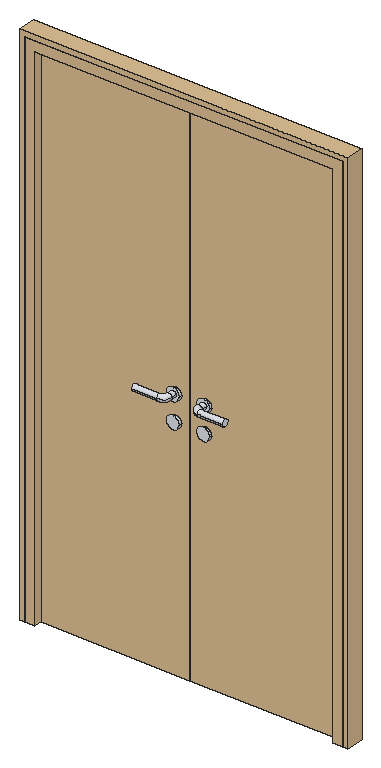
Revit family "AC_Дверь_Двупольная_Деревянная", category Двери, Revit 2019
Family settings
  Основа = Стена
  Номер OmniClass = 23.30.10.00
  Заголовок OmniClass = Doors
  Всегда вертикально = Да
  При загрузке вырезать с полостями = Нет
  Общий = Нет
  Точка расчета площади = Нет
Parameters
  Четверть_Ширина [instance] = 40 mm
  Четверть_Высота [instance] = 40 mm
  Четверть сверху [instance] = if(Четверть, Четверть_Высота, 0 mm)  # 0 mm
  Четверть сбоку [instance] = if(Четверть, Четверть_Ширина, 0 mm)  # 0 mm
  Четверть [instance] = no
  Функция = Наружные слои
  Угол плане 30 [instance] = yes
  Тип полотна двери 2 = АС-Полотно : Глухое
  Тип полотна двери 1 = АС-Полотно : Глухое
  Ручка полотна 2 = yes
  Ручка полотна 1 = yes
  Ручка двери = ADSK_Металл_Окрашенный_Белый матовый
  Рама двери2_Ширина справа = 150 mm
  Рама двери2_Ширина слева = 150 mm
  Рама двери2_Ширина внизу = 300 mm
  Рама двери2_Ширина вверху = 150 mm
  Рама двери1_Ширина справа = 150 mm
  Рама двери1_Ширина слева = 150 mm
  Рама двери1_Ширина внизу = 300 mm
  Рама двери1_Ширина вверху = 150 mm
  Рама двери = ADSK_Древесина_Береза мореная
  Равные полотна = yes
  Полотно2_Ширина = Rough Width - Полотно1\u001f_Размер - Коробка_Ширина * 2  # 600 mm
  Полотна_Высота = Rough Height - Коробка_Ширина  # 2050 mm
  Полотно1_Ширина = 650 mm
  Полотно1\u001f_Размер = if(Равные полотна, Полотна_Ширина / 2, Полотно1_Ширина)  # 600 mm
  Полотна_Ширина = Rough Width - Коробка_Ширина * 2  # 1200 mm
  Аналитическая конструкция = "<Нет>"
  ADSK_Обозначение = "ГОСТ 475-2016"
  Наличник двери = ADSK_Древесина_Береза мореная
  ADSK_Наименование = "ДВ2 21-13 Г ПрБ"
  Монтажный зазор_Верх [instance] = 20 mm
  Коробка_Ширина = 30 mm
  Коробка_Толщина = 70 mm
  Полотно двери = ADSK_Древесина_Береза мореная
  Остекление двери = ADSK_Стекло_Прозрачное бесцветное
  Наличник_Ширина [instance] = 60 mm
  Наличник_Толщина [instance] = 10 mm
  Наличник снаружи [instance] = no
  Наличник внутри [instance] = no
  Монтажный зазор_Справа и Слева [instance] = 20 mm
  Вставка_Глубина [instance] = 0 mm
  Инструкция по семейству [instance] = ""
  Огибание наружных слоев [instance] = 0 mm
  Width [instance] = Rough Width + Монтажный зазор_Справа и Слева * 2  # 1300 mm
  Thickness = 40 mm
  Rough Width = 1260 mm
  Rough Height = 2080 mm
  Model = ""
  Manufacturer = ""
  Wall Closure = (empty or 0)
  Height [instance] = Rough Height + Монтажный зазор_Верх  # 2100 mm
  Описание = "Дверь деревянная глухая входная"
  Тип конструкций = "Дверь деревянная"
  ADSK_Этаж [instance] = ""
  ADSK_Толщина стены [instance] = 0 mm
  ADSK_Примечание [instance] = ""
  ADSK_Предел огнестойкости = ""
  ADSK_Позиция [instance] = ""
  ADSK_Открывание = if(Равные полотна, "Равные полотна", if(Полотно1_Ширина > Полотно2_Ширина, "Левая", "Правая"))  # "Равные полотна"
  ADSK_Откосы_Глубина [instance] = 530 mm
  ADSK_Наименование краткое = ""
  ADSK_Масса_Текст = ""
  ADSK_Количество [instance] = 0
  ADSK_Код изделия = ""
  ADSK_Зона [instance] = ""
  ADSK_Завод-изготовитель = ""
  ADSK_Единица измерения = ""
  ADSK_Группирование [instance] = ""
  ADSK_Версия семейства = "1.0"  # constant formula
  ADSK_Версия Revit = "v2019"  # constant formula
  ADSK_URL страницы изделия = ""
  ADSK_URL документации изделия = ""
Reference planes
  plane 1: y = 0
  plane 2 "По центру (Влево/Вправо)": x = 0
  plane 3 "проем_слева": x = -650
  plane 4 "проем_справа": x = 650
  plane 5 "проем_верх": z = 2100
  plane 6 "Наружный": y = 300
  plane 7 "Внутренние": y = -300
  plane 8 "Вставка двери": y = 300
  plane 9 "Полотно двери": y = 260
  plane 10 "Рама внутри": y = 230
  plane 11 "Монтажный зазор слева": x = -630
  plane 12 "Монтажный зазор справа": x = 630
  plane 13 "Монтажный зазор сверху": z = 2080
  plane 14 "Глубина огибания наружного слоя": y = 300
  plane 15: y = 310
  plane 16: y = -310
  plane 17: x = -600
  plane 18: x = 600
  plane 19: z = 1025
  plane 20 "Верх полотна": z = 2050
  plane 21 "Разделение полотен": x = 0
  plane 22 "четверть_слева": x = -650
  plane 23 "четверть_справа": x = 650
  plane 24 "четверть_сверху": z = 2100
  plane 25: y = -900
  plane 26: y = 900
Forms (mm)
  Sweep 1, solid, material "ADSK_Древесина_Береза мореная" <- "Наличник двери", visible <- "Наличник снаружи", detail levels fine
    path origin (0, 300, 0) x (1, 0, 0) y (0, 0, 1)
      loop
        line (-650, 0) -> (-650, 2100) -> (650, 2100) -> (650, 0)
    profile origin (-650, 300, 1050) x (-1, 0, 0) y (0, -1, 0)
      loop
        line (-10, 0) -> (-10, -5)
        arc (-10, -5) -> (-8.536, -8.536) -> (-5, -10) r 5
        line (-5, -10) -> (45, -10)
        arc (45, -10) -> (48.536, -8.536) -> (50, -5) r 5
        line (50, -5) -> (50, 0) -> (-10, 0)
  Sweep 2, solid, material "ADSK_Древесина_Береза мореная" <- "Наличник двери", visible <- "Наличник внутри", detail levels fine
    path origin (0, -300, 0) x (1, 0, 0) y (0, 0, 1)
      loop
        line (-650, 0) -> (-650, 2100) -> (650, 2100) -> (650, 0)
    profile origin (-650, -300, 1050) x (-1, 0, 0) y (0, -1, 0)
      loop
        line (-20, 0) -> (40, 0) -> (40, 5)
        arc (40, 5) -> (38.536, 8.536) -> (35, 10) r 5
        line (35, 10) -> (-15, 10)
        arc (-15, 10) -> (-18.536, 8.536) -> (-20, 5) r 5
        line (-20, 5) -> (-20, 0)
  Sweep 3, solid, material "ADSK_Древесина_Береза мореная" <- "Рама двери", detail levels medium+fine
    path origin (0, 300, 0) x (-1, 0, 0) y (0, 0, 1)
      loop
        line (630, 0) -> (630, 2080) -> (-630, 2080) -> (-630, 0)
    profile origin (630, 300, 1040) x (0, 1, 0) y (-1, 0, 0)
      loop
        line (0, 0) -> (0, 30) -> (-40, 30) -> (-40, 40) -> (-70, 40) -> (-70, 0) -> (0, 0)
  Sweep 4, solid, material "ADSK_Древесина_Береза мореная" <- "Наличник двери", visible <- "Наличник внутри", detail levels fine
    path origin (0, 230, 0) x (-1, 0, 0) y (0, 0, 1)
      loop
        line (650, 0) -> (650, 2100) -> (-650, 2100) -> (-650, 0)
    profile origin (-650, 230, 1050) x (1, 0, 0) y (0, 1, 0)
      loop
        line (0, -535) -> (20, -535) -> (20, 0) -> (0, 0) -> (0, -535)
  Sweep 5, solid, material "ADSK_Древесина_Береза мореная" <- "Наличник двери", visible <- "Наличник снаружи", detail levels fine
    path origin (0, 300, 0) x (-1, 0, 0) y (0, 0, 1)
      loop
        line (650, 0) -> (650, 2100) -> (-650, 2100) -> (-650, 0)
    profile origin (650, 300, 1050) x (0, 1, 0) y (-1, 0, 0)
      loop
        line (5, 0) -> (5, 10) -> (0, 10) -> (0, 0) -> (5, 0)
  Extrusion 6, solid, material "ADSK_Древесина_Береза мореная" <- "Рама двери", detail levels medium+fine
    sketch origin (-2514.822, 300, 1200) x (-1, 0, 0) y (0, 0, 1)
      loop
        line (-3164.822, 900) -> (-3164.822, -1200) -> (-3144.822, -1200) -> (-3144.822, 880) -> (-1884.822, 880) -> (-1884.822, -1200) -> (-1864.822, -1200) -> (-1864.822, 900) -> (-3164.822, 900)
    from 0 to -70
  Extrusion 7, solid, material "ADSK_Древесина_Береза мореная" <- "Полотно двери", detail levels coarse
    sketch origin (0, 0, 0) x (1, 0, 0) y (0, 1, 0)
      loop
        line (-650, 300) -> (-650, 230) -> (650, 230) -> (650, 300) -> (-650, 300)
    from 0 to 2100
  Extrusion 8, void
    sketch origin (0, 230, 0) x (-1, 0, 0) y (0, 0, 1)
      loop
        line (650, 2100) -> (-650, 2100) -> (-650, 0) -> (650, 0) -> (650, 2100)
    from -1130 to 70
  Extrusion 9, void
    sketch origin (0, 230, 0) x (-1, 0, 0) y (0, 0, 1)
      loop
        line (650, 2100) -> (-650, 2100) -> (-650, 0) -> (650, 0) -> (650, 2100)
    from 70 to 670
Cuts and joins
  joined: Sweep 2, Sweep 4
  joined: Sweep 1, Sweep 5
Lines and regions (mm)
  Masking region 1, detail levels fine
    outline origin (0, 0, 0) x (0, 1, 0) y (0, 0, 1)
      loop
        line (230, 2040) -> (260, 2040) -> (260, 2050) -> (300, 2050) -> (300, 2080) -> (230, 2080) -> (230, 2040)
  Masking region 2, detail levels fine
    outline origin (0, 0, 0) x (0, 1, 0) y (0, 0, 1)
      loop
        line (300, 2080) -> (300, 2100) -> (230, 2100) -> (230, 2080) -> (300, 2080)
  Masking region 3, detail levels fine
    outline origin (0, 0, 0) x (0, 1, 0) y (0, 0, 1)
      loop
        line (300, 0) -> (300, 2050) -> (260, 2050) -> (260, 0) -> (300, 0)
  Masking region 4, detail levels fine
    outline origin (0, 0, 0) x (0, 1, 0) y (0, 0, 1)
      loop
        line (230, 2040) -> (230, 0) -> (260, 0) -> (260, 2040) -> (230, 2040)
  Masking region 5, detail levels coarse+medium
    outline origin (0, 0, 0) x (0, 1, 0) y (0, 0, 1)
      loop
        line (300, 0) -> (300, 2100) -> (230, 2100) -> (230, 0) -> (300, 0)
  symbolic lines, style "Открывание", detail levels medium
    curve 1: line (-600, 300, 0) -> (0, 300, 1025)
    curve 2: line (0, 300, 1025) -> (-600, 300, 2050)
  symbolic lines, style "Открывание", not visible, detail levels medium
    curve 3: line (600, 300, 0) -> (0, 300, 1025)
    curve 4: line (0, 300, 1025) -> (600, 300, 2050)
Text (mm)
  text "Наружный" at (-2295.016, 1099.543, 0), in view "Опорный уровень "
  text "Наружный" at (0, 1615.38, 3698.081), in view "Слева"
  text "Наружный" at (0, 1036.032, 3874.932), in view "Справа"
Dimensions and locks
  equal spacing: plane 11 "Монтажный зазор слева", plane 2 "По центру (Влево/Вправо)", plane 12 "Монтажный зазор справа"
  "Width": plane 3 "проем_слева" to plane 4 "проем_справа"
  "Rough Height": host wall to plane 13 "Монтажный зазор сверху"
  "Height": host wall to plane 5 "проем_верх"
  locked: plane 6 "Наружный" to host wall at 0
  locked: plane 7 "Внутренние" to host wall
  "Вставка_Глубина": plane 6 "Наружный" to plane 8 "Вставка двери"
  "Коробка_Толщина": plane 8 "Вставка двери" to plane 10 "Рама внутри"
  "Thickness": plane 8 "Вставка двери" to plane 9 "Полотно двери"
  "Огибание наружных слоев": plane 6 "Наружный" to plane 14 "Глубина огибания наружного слоя"
  "Наличник_Ширина": Sweep 2 sketch curve to Sweep 2 sketch curve
  locked: Sweep 2 sketch curve to Sweep 2 sketch curve at 5  (x4)
  locked: Sweep 1 sketch curve to Sweep 1 sketch curve at 5  (x2)
  "Коробка_Ширина": Sweep 3 sketch curve to profile plane
  locked: Sweep 3 sketch curve to Sweep 3 sketch curve at 10
  locked: Sweep 4 sketch curve to plane 16 at 5
  "Наличник_Толщина": plane 7 "Внутренние" to plane 16
  "Наличник_Толщина": plane 15 to plane 6 "Наружный"
  locked: plane 15 to Sweep 1 sketch curve at 5  (x2)
  locked: plane 15 to Sweep 5 sketch curve at 5
  "ADSK_Откосы_Глубина": plane 7 "Внутренние" to plane 10 "Рама внутри"
  equal spacing: plane 3 "проем_слева", plane 2 "По центру (Влево/Вправо)", plane 4 "проем_справа"
  "Rough Width": plane 11 "Монтажный зазор слева" to plane 12 "Монтажный зазор справа"
  "Коробка_Ширина": plane 11 "Монтажный зазор слева" to plane 17
  "Коробка_Ширина": plane 18 to plane 12 "Монтажный зазор справа"
  equal spacing: level, plane 19, plane 20 "Верх полотна"
  "Коробка_Ширина": plane 20 "Верх полотна" to plane 13 "Монтажный зазор сверху"
  "Полотно1\u001f_Размер": plane 21 "Разделение полотен" to plane 18
  "Четверть сбоку": plane 3 "проем_слева" to plane 22 "четверть_слева"
  "Четверть сбоку": plane 23 "четверть_справа" to plane 4 "проем_справа"
  "Четверть сверху": plane 24 "четверть_сверху" to plane 5 "проем_верх"
  "Наличник_Толщина": Sweep 5 sketch curve to Sweep 5 sketch curve
  "Наличник_Толщина": profile plane to Sweep 1 sketch curve
  "Наличник_Ширина": Sweep 1 sketch curve to Sweep 1 sketch curve
  locked: plane 25 to plane 7 "Внутренние" at 600
  locked: plane 6 "Наружный" to plane 26 at 600
  aligned and locked: plane 1 to host wall
  aligned and locked: Sweep 2 sketch curve to plane 3 "проем_слева"
  aligned and locked: Sweep 2 sketch curve to plane 5 "проем_верх"
  aligned and locked: Sweep 2 sketch curve to plane 4 "проем_справа"
  aligned and locked: level to Sweep 2 sketch curve  (x2)
  aligned and locked: Sweep 2 sketch curve to plane 7 "Внутренние"
  aligned and locked: Sweep 3 sketch curve to plane 12 "Монтажный зазор справа"
  aligned and locked: Sweep 3 sketch curve to plane 13 "Монтажный зазор сверху"
  aligned and locked: Sweep 3 sketch curve to plane 11 "Монтажный зазор слева"
  aligned and locked: level to Sweep 3 sketch curve  (x2)
  aligned and locked: profile plane to Sweep 3 sketch curve
  aligned and locked: plane 10 "Рама внутри" to Sweep 3 sketch curve
  aligned and locked: plane 8 "Вставка двери" to Sweep 3 sketch curve
  aligned and locked: plane 9 "Полотно двери" to Sweep 3 sketch curve
  aligned and locked: Sweep 2 sketch curve to plane 11 "Монтажный зазор слева"
  aligned and locked: plane 3 "проем_слева" to Sweep 4 sketch curve
  aligned and locked: plane 5 "проем_верх" to Sweep 4 sketch curve
  aligned and locked: plane 4 "проем_справа" to Sweep 4 sketch curve
  aligned and locked: level to Sweep 4 sketch curve  (x2)
  aligned and locked: Sweep 4 sketch curve to plane 3 "проем_слева"
  aligned and locked: Sweep 4 sketch curve to plane 11 "Монтажный зазор слева"
  aligned and locked: Sweep 4 sketch curve to plane 10 "Рама внутри"
  aligned and locked: profile plane to Sweep 1 sketch curve
  aligned and locked: level to Sweep 5 sketch curve  (x2)
  aligned and locked: plane 8 "Вставка двери" to Sweep 5 sketch curve
  aligned and locked: plane 16 to Sweep 2 sketch curve
  aligned and locked: plane 15 to Sweep 1 sketch curve
  aligned and locked: Masking region 1 sketch curve to Sweep 3  (x2)
  aligned and locked: plane 9 "Полотно двери" to Masking region 1 sketch curve
  aligned and locked: plane 10 "Рама внутри" to Masking region 1 sketch curve
  aligned and locked: plane 8 "Вставка двери" to Masking region 1 sketch curve
  aligned and locked: plane 13 "Монтажный зазор сверху" to Masking region 1 sketch curve
  aligned and locked: plane 8 "Вставка двери" to Masking region 2 sketch curve
  aligned and locked: plane 10 "Рама внутри" to Masking region 2 sketch curve
  aligned and locked: plane 13 "Монтажный зазор сверху" to Masking region 2 sketch curve
  aligned and locked: plane 5 "проем_верх" to Masking region 2 sketch curve
  aligned and locked: plane 8 "Вставка двери" to Masking region 3 sketch curve
  aligned and locked: plane 9 "Полотно двери" to Masking region 3 sketch curve
  aligned and locked: level to Masking region 3 sketch curve
  aligned and locked: Masking region 3 sketch curve to Sweep 3
  aligned and locked: Masking region 4 sketch curve to Sweep 3
  aligned and locked: plane 10 "Рама внутри" to Masking region 4 sketch curve
  aligned and locked: plane 9 "Полотно двери" to Masking region 4 sketch curve
  aligned and locked: level to Masking region 4 sketch curve
  aligned and locked: plane 8 "Вставка двери" to Masking region 5 sketch curve
  aligned and locked: plane 10 "Рама внутри" to Masking region 5 sketch curve
  aligned and locked: plane 5 "проем_верх" to Masking region 5 sketch curve
  aligned and locked: level to Masking region 5 sketch curve
  aligned and locked: Extrusion 6 sketch curve to plane 4 "проем_справа"
  aligned and locked: Extrusion 6 sketch curve to plane 3 "проем_слева"
  aligned and locked: Extrusion 6 sketch curve to plane 5 "проем_верх"
  aligned and locked: Extrusion 6 sketch curve to plane 13 "Монтажный зазор сверху"
  aligned and locked: Extrusion 6 sketch curve to plane 11 "Монтажный зазор слева"
  aligned and locked: Extrusion 6 sketch curve to plane 12 "Монтажный зазор справа"
  aligned and locked: Extrusion 6 sketch curve to level
  aligned and locked: Extrusion 6 to plane 10 "Рама внутри"
  aligned and locked: plane 8 "Вставка двери" to Extrusion 6
  aligned and locked: Extrusion 7 sketch curve to plane 8 "Вставка двери"
  aligned and locked: Extrusion 7 sketch curve to plane 10 "Рама внутри"
  aligned and locked: Extrusion 7 sketch curve to plane 4 "проем_справа"
  aligned and locked: Extrusion 7 sketch curve to plane 3 "проем_слева"
  aligned and locked: Extrusion 7 to level
  aligned and locked: Extrusion 7 to plane 5 "проем_верх"
  aligned and locked: curve 3 to Sweep 3
  aligned and locked: Sweep 3 to curve 1
  aligned and locked: plane 20 "Верх полотна" to curve 2
  aligned and locked: plane 20 "Верх полотна" to curve 4
  aligned and locked: level to curve 1
  aligned and locked: level to curve 3
  aligned and locked: nested 1 to plane 8 "Вставка двери"
  aligned and locked: nested 1 to plane 4 "проем_справа"
  aligned and locked: plane 8 "Вставка двери" to nested 2
  aligned and locked: nested 2 to plane 3 "проем_слева"
  aligned and locked: plane 21 "Разделение полотен" to curve 2
  aligned and locked: plane 19 to curve 1
  aligned and locked: nested 3 to plane 8 "Вставка двери"
  aligned and locked: nested 3 to plane 18
  aligned and locked: plane 21 "Разделение полотен" to nested 3
  aligned and locked: nested 4 to plane 17
  aligned and locked: plane 21 "Разделение полотен" to nested 4
  aligned and locked: nested 4 to plane 8 "Вставка двери"
  aligned and locked: nested 5 to plane 8 "Вставка двери"
  aligned and locked: plane 21 "Разделение полотен" to nested 5
  aligned and locked: plane 8 "Вставка двери" to nested 6
  aligned and locked: plane 21 "Разделение полотен" to nested 6
  aligned and locked: Sweep 5 sketch curve to plane 23 "четверть_справа"  (x2)
  aligned and locked: Sweep 5 sketch curve to plane 22 "четверть_слева"
  aligned and locked: plane 24 "четверть_сверху" to Sweep 5 sketch curve
  aligned and locked: plane 22 "четверть_слева" to Sweep 1 sketch curve
  aligned and locked: plane 24 "четверть_сверху" to Sweep 1 sketch curve
  aligned and locked: plane 23 "четверть_справа" to Sweep 1 sketch curve
  aligned and locked: Extrusion 8 sketch curve to plane 3 "проем_слева"
  aligned and locked: plane 4 "проем_справа" to Extrusion 8 sketch curve
  aligned and locked: plane 5 "проем_верх" to Extrusion 8 sketch curve
  aligned and locked: level to Extrusion 8 sketch curve
  aligned and locked: plane 8 "Вставка двери" to Extrusion 8
  aligned and locked: Extrusion 8 to plane 25
  aligned and locked: Extrusion 9 sketch curve to plane 24 "четверть_сверху"
  aligned and locked: plane 22 "четверть_слева" to Extrusion 9 sketch curve
  aligned and locked: Extrusion 9 sketch curve to plane 23 "четверть_справа"
  aligned and locked: level to Extrusion 9 sketch curve
  aligned and locked: Extrusion 9 to plane 8 "Вставка двери"
  aligned and locked: plane 26 to Extrusion 9
Automatic sketch dimensions
  Extrusion 6 sketch curve to level = 0 mm
  plane 18 to curve 4 = 0 mm
  plane 17 to curve 2 = 0 mm
  Sweep 1 sketch curve to level = 0 mm  (x2)
Nested families
  nested 1: "АС-Обозначение на плане двупольная" at (650, 300, 0), Rough Width <- "Полотно1\u001f_Размер", Монтажный зазор.Ширина сбоку <- "Монтажный зазор_Справа и Слева", Коробка.Ширина <- "Коробка_Ширина", Коробка.Толщина <- "Коробка_Толщина", Thickness <- "Thickness", Height <- "Height", type "АС-Стандарт"
    with Монтажный зазор.Ширина сбоку 20 mm, Коробка.Ширина 30 mm, Коробка.Толщина 70 mm, Width 650 mm, Thickness 40 mm, Rough Width 600 mm, Height 2100 mm
  nested 2: "АС-Обозначение на плане двупольная" at (-650, 300, 0) x (-1, 0, 0) z (0, 0, 1), Rough Width <- "Полотно2_Ширина", Монтажный зазор.Ширина сбоку <- "Монтажный зазор_Справа и Слева", Коробка.Ширина <- "Коробка_Ширина", Коробка.Толщина <- "Коробка_Толщина", Thickness <- "Thickness", Height <- "Height", type "АС-Стандарт"
    with Монтажный зазор.Ширина сбоку 20 mm, Коробка.Ширина 30 mm, Коробка.Толщина 70 mm, Width 650 mm, Thickness 40 mm, Rough Width 600 mm, Height 2100 mm
  nested 3: "АС-Полотно" at (300, 300, 0), Рама.Ширина справа <- "Рама двери1_Ширина справа", Рама.Ширина слева <- "Рама двери1_Ширина слева", Рама.Ширина внизу <- "Рама двери1_Ширина внизу", Рама.Ширина вверху <- "Рама двери1_Ширина вверху", Полотно двери.Ширина <- "Полотно1\u001f_Размер", Полотно двери.Толщина <- "Thickness", Полотно двери.Высота <- "Полотна_Высота", type <- "Тип полотна двери 1", type "Глухое"
    with Рама.Ширина справа 150 mm, Рама.Ширина слева 150 mm, Рама.Ширина внизу 300 mm, Рама.Ширина вверху 150 mm, Полотно двери.Ширина 600 mm, Полотно двери.Толщина 40 mm, Полотно двери.Высота 2050 mm
  nested 4: "АС-Полотно" at (-300, 300, 0), Рама.Ширина справа <- "Рама двери2_Ширина справа", Рама.Ширина слева <- "Рама двери2_Ширина слева", Рама.Ширина внизу <- "Рама двери2_Ширина внизу", Рама.Ширина вверху <- "Рама двери2_Ширина вверху", Полотно двери.Ширина <- "Полотно2_Ширина", Полотно двери.Толщина <- "Thickness", Полотно двери.Высота <- "Полотна_Высота", type <- "Тип полотна двери 2", type "Глухое"
    with Рама.Ширина справа 150 mm, Рама.Ширина слева 150 mm, Рама.Ширина внизу 300 mm, Рама.Ширина вверху 150 mm, Полотно двери.Ширина 600 mm, Полотно двери.Толщина 40 mm, Полотно двери.Высота 2050 mm
  nested 5: "АС-Ручка двери" at (0, 300, 0), Ручка двери <- "Ручка двери", Полотно двери.Толщина <- "Thickness", visible <- "Ручка полотна 1", type "АС-Стандарт"
    with Ручка двери ADSK_Металл_Окрашенный_Белый матовый, Полотно двери.Толщина 40 mm, Отступ ручки от края 60 mm
  nested 6: "АС-Ручка двери" at (0, 300, 0) x (-1, 0, 0) z (0, 0, 1), Ручка двери <- "Ручка двери", Полотно двери.Толщина <- "Thickness", visible <- "Ручка полотна 2", type "АС-Стандарт"
    with Ручка двери ADSK_Металл_Окрашенный_Белый матовый, Полотно двери.Толщина 40 mm, Отступ ручки от края 60 mm
Definition of nested family "АС-Полотно"
  Parameters
    Фурнитура = none
    Рама.Ширина справа [instance] = 50 mm
    Рама.Ширина слева [instance] = 50 mm
    Рама.Ширина внизу [instance] = 50 mm
    Рама.Ширина вверху [instance] = 50 mm
    Остекленное = not(Глухое)  # no
    Полотно двери.Ширина [instance] = 1000 mm
    Полотно двери.Толщина [instance] = 40 mm
    Полотно двери.Высота [instance] = 2100 mm
    Полотно двери = none
    Глухое = yes
    Остекление двери = none
    Default Elevation = 0 mm
  Reference planes
    plane 1 "Center (Front/Back)": y = 0
    plane 2: z = 0
    plane 3 "Center (Left/Right)": x = 0
    plane 4: x = -500
    plane 5: x = 500
    plane 6 "Back": y = -40
    plane 7: z = 2100
    plane 8 "Остекление снаружи": y = -8
    plane 9 "Остекление внутри": y = -32
    plane 10 "Ширина рамы справа": x = -450
    plane 11 "Ширина рамы слева": x = 450
    plane 12 "Ширина рамы внизу": z = 50
    plane 13 "Ширина рамы вверху": z = 2050
  Forms (mm)
    Extrusion 1, solid, material <- "Полотно двери", visible <- "Глухое", detail levels medium+fine
      sketch origin (0, 0, 0) x (1, 0, 0) y (0, 0, 1)
        loop
          line (-500, 2100) -> (-500, 0) -> (500, 0) -> (500, 2100) -> (-500, 2100)
      from 0 to 40 <- "Полотно двери.Толщина"
    Extrusion 2, solid, material <- "Полотно двери", visible <- "Остекленное", detail levels medium+fine
      sketch origin (0, 0, 0) x (1, 0, 0) y (0, 0, 1)
        loop
          line (-500, 2100) -> (-500, 0) -> (500, 0) -> (500, 2100) -> (-500, 2100)
        loop
          line (-450, 50) -> (450, 50) -> (450, 2050) -> (-450, 2050) -> (-450, 50)
      from 0 to 40
    Extrusion 3, solid, material <- "Остекление двери", visible <- "Остекленное", detail levels medium+fine
      sketch origin (-646.608, -8, 1200) x (-1, 0, 0) y (0, 0, 1)
        loop
          line (-196.608, 850) -> (-1096.608, 850) -> (-1096.608, -1150) -> (-196.608, -1150) -> (-196.608, 850)
      from 0 to -24
  Dimensions and locks
    "Полотно двери.Толщина": plane 1 "Center (Front/Back)" to plane 6 "Back"
    equal spacing: plane 4, plane 3 "Center (Left/Right)", plane 5
    "Полотно двери.Ширина": plane 4 to plane 5
    "Полотно двери.Высота": plane 7 to plane 2
    locked: plane 9 "Остекление внутри" to plane 6 "Back" at 8
    locked: plane 1 "Center (Front/Back)" to plane 8 "Остекление снаружи" at 8
    "Рама.Ширина вверху": plane 7 to plane 13 "Ширина рамы вверху"
    "Рама.Ширина внизу": plane 12 "Ширина рамы внизу" to plane 2
    "Рама.Ширина справа": plane 5 to plane 11 "Ширина рамы слева"
    "Рама.Ширина слева": plane 10 "Ширина рамы справа" to plane 4
    plane 7 to plane 2 = 2100 mm
    aligned and locked: level to plane 2
    aligned and locked: Extrusion 1 sketch curve to plane 7
    aligned and locked: plane 4 to Extrusion 1 sketch curve
    aligned and locked: plane 2 to Extrusion 1 sketch curve
    aligned and locked: Extrusion 1 sketch curve to plane 5
    aligned and locked: Extrusion 1 to plane 1 "Center (Front/Back)"
    aligned and locked: Extrusion 1 to plane 6 "Back"
    aligned and locked: Extrusion 2 sketch curve to plane 4
    aligned and locked: Extrusion 2 sketch curve to plane 5
    aligned and locked: Extrusion 2 sketch curve to plane 7
    aligned and locked: Extrusion 2 sketch curve to plane 2
    aligned and locked: Extrusion 2 sketch curve to plane 12 "Ширина рамы внизу"
    aligned and locked: Extrusion 2 sketch curve to plane 10 "Ширина рамы справа"
    aligned and locked: Extrusion 2 sketch curve to plane 11 "Ширина рамы слева"
    aligned and locked: Extrusion 2 sketch curve to plane 13 "Ширина рамы вверху"
    aligned and locked: Extrusion 2 to plane 1 "Center (Front/Back)"
    aligned and locked: Extrusion 2 to plane 6 "Back"
    aligned and locked: plane 10 "Ширина рамы справа" to Extrusion 3 sketch curve
    aligned and locked: plane 11 "Ширина рамы слева" to Extrusion 3 sketch curve
    aligned and locked: plane 13 "Ширина рамы вверху" to Extrusion 3 sketch curve
    aligned and locked: plane 12 "Ширина рамы внизу" to Extrusion 3 sketch curve
    aligned and locked: Extrusion 3 to plane 8 "Остекление снаружи"
    aligned and locked: Extrusion 3 to plane 9 "Остекление внутри"
    aligned and locked: plane 7 to Extrusion 2
    aligned and locked: plane 4 to Extrusion 2
Definition of nested family "АС-Ручка двери"
  Parameters
    Ручка двери [instance] = none
    Полотно двери.Толщина [instance] = 40 mm
    Отступ ручки от края = 100 mm
    Высота расположения ручки = 1000 mm
    Default Elevation = 0 mm
  Reference planes
    plane 1 "Наружная сторона полотна": y = 0
    plane 2: z = 0
    plane 3 "Край полотна": x = 0
    plane 4 "Вертикаль расположения": x = 100
    plane 5 "Горизонталь расположения": z = 1000
    plane 6 "Внутренняя сторона полотна": y = -40
  Forms (mm)
    Sweep 1, solid, material <- "Ручка двери", detail levels fine
      path origin (0, 0, 1000) x (1, 0, 0) y (0, 1, 0)
        loop
          line (220, 50) -> (120, 50)
          arc (120, 50) -> (105.858, 44.142) -> (100, 30) r 20
          line (100, 30) -> (100, -70)
          arc (100, -70) -> (105.858, -84.142) -> (120, -90) r 20
          line (120, -90) -> (220, -90)
      profile origin (100, -20, 1000) x (1, 0, 0) y (0, 0, 1)
        loop
          circle (0, 0) r 12
    Extrusion 2, solid, material <- "Ручка двери", detail levels fine
      sketch origin (155, 0, 0) x (1, 0, 0) y (0, 0, 1)
        loop
          circle (-55, 1000) r 25
      from 48 to -8
    Extrusion 3, solid, material <- "Ручка двери", detail levels fine
      sketch origin (0, 0, 0) x (1, 0, 0) y (0, 0, 1)
        loop
          circle (100, 900) r 25
      from 48 to -8
  Cuts and joins
    joined: Sweep 1, Extrusion 2
  Dimensions and locks
    "Отступ ручки от края": plane 3 "Край полотна" to plane 4 "Вертикаль расположения"
    "Высота расположения ручки": plane 5 "Горизонталь расположения" to level
    "Полотно двери.Толщина": plane 1 "Наружная сторона полотна" to plane 6 "Внутренняя сторона полотна"
    locked: plane 1 "Наружная сторона полотна" to Extrusion 3 at 8
    locked: plane 1 "Наружная сторона полотна" to Extrusion 2 at 8
    locked: plane 6 "Внутренняя сторона полотна" to Extrusion 3 at 8
    locked: plane 6 "Внутренняя сторона полотна" to Extrusion 2 at 8
    locked: plane 4 "Вертикаль расположения" to Extrusion 2 sketch curve at 0
    locked: plane 5 "Горизонталь расположения" to Extrusion 2 sketch curve at 0
    locked: Extrusion 3 sketch curve to plane 5 "Горизонталь расположения" at 100
    locked: Extrusion 3 sketch curve to plane 4 "Вертикаль расположения"
    locked: plane 1 "Наружная сторона полотна" to Sweep 1 sketch curve at 50
    locked: plane 6 "Внутренняя сторона полотна" to Sweep 1 sketch curve at 50
    locked: plane 4 "Вертикаль расположения" to Sweep 1 sketch curve at 120  (x2)
    locked: Sweep 1 sketch curve to plane 5 "Горизонталь расположения"
    locked: plane 4 "Вертикаль расположения" to Sweep 1 sketch curve at 0
    aligned and locked: Sweep 1 sketch curve to plane 4 "Вертикаль расположения"
  Automatic sketch dimensions
    plane 4 "Вертикаль расположения" to Sweep 1 sketch curve = 20 mm  (x2)
    radius of Sweep 1 sketch curve = 12 mm
    radius of Extrusion 2 sketch curve = 25 mm
    radius of Extrusion 3 sketch curve = 25 mm
Definition of nested family "АС-Обозначение на плане двупольная"
  Parameters
    Открывание двери 90 = not(Открывание двери 30)  # no
    Открывание двери 30 = yes
    Монтажный зазор.Ширина сбоку [instance] = 20 mm
    Линия открывания (дуга) = not(Открывание двери 30)  # no
    Коробка.Ширина [instance] = 40 mm
    Коробка.Толщина [instance] = 80 mm
    Width [instance] = Rough Width + Коробка.Ширина + Монтажный зазор.Ширина сбоку  # 960 mm
    Thickness [instance] = 40 mm
    Rough Width [instance] = 900 mm
    Height [instance] = 2100 mm
    Default Elevation = 0 mm
  Reference planes
    plane 1 "Center (Front/Back)": y = 0
    plane 2: z = 0
    plane 3 "Center (Left/Right)": x = 0
    plane 4 "Полотно справа": x = -20
    plane 5 "Полотно. Внутренняя сторона": y = -40
    plane 6 "Коробка. Внутренняя сторона": y = -80
    plane 7 "Коробка.Внутренняя сторона слева": x = -960
    plane 8 "Коробка. Внутренняя сторона справа": x = -60
  Lines and regions (mm)
    Masking region 1, detail levels fine
      outline origin (0, 0, 0) x (1, 0, 0) y (0, 1, 0)
        loop
          line (0, -80) -> (0, 0) -> (-20, 0) -> (-20, -80) -> (0, -80)
    Masking region 2, detail levels fine
      outline origin (0, 0, 0) x (1, 0, 0) y (0, 1, 0)
        loop
          line (-20, 0) -> (-60, 0) -> (-60, -40) -> (-70, -40) -> (-70, -80) -> (-20, -80) -> (-20, 0)
    Masking region 3, visible <- "Открывание двери 90", detail levels fine
      outline origin (0, 0, 0) x (1, 0, 0) y (0, 1, 0)
        loop
          line (-60, 0) -> (-60, 900) -> (-100, 900) -> (-100, 0) -> (-60, 0)
    Masking region 4, visible <- "Открывание двери 30", detail levels fine
      outline origin (0, 0, 0) x (1, 0, 0) y (0, 1, 0)
        loop
          line (-60, 0) -> (-839.423, 450) -> (-859.423, 415.359) -> (-80, -34.641) -> (-60, 0)
    symbolic lines, visible <- "Открывание двери 30", detail levels coarse+medium
      curve 1: line (0, 0, 0) -> (-831.384, 480, 0)
    symbolic lines, visible <- "Открывание двери 90", detail levels coarse+medium
      curve 2: line (0, 0, 0) -> (0, 960, 0)
    symbolic lines, visible <- "Линия открывания (дуга)", detail levels coarse+medium
      curve 3: arc (0, 960, 0) -> (-678.823, 678.823, 0) -> (-960, 0, 0) r 960
    symbolic lines, visible <- "Линия открывания (дуга)", detail levels fine
      curve 4: arc (-960, 0, 0) -> (-696.396, 636.396, 0) -> (-60, 900, 0) r 900
    model lines
      curve 5: line (0, 0, 0) -> (0, 0, 2100)
  Dimensions and locks
    "Thickness": plane 1 "Center (Front/Back)" to plane 5 "Полотно. Внутренняя сторона"
    plane 1 "Center (Front/Back)" to plane 6 "Коробка. Внутренняя сторона" = 80 mm
    "Коробка.Толщина": plane 6 "Коробка. Внутренняя сторона" to plane 1 "Center (Front/Back)"
    "Rough Width": plane 7 "Коробка.Внутренняя сторона слева" to plane 8 "Коробка. Внутренняя сторона справа"
    "Width": curve 1 to curve 1
    "Width": plane 1 "Center (Front/Back)" to curve 2
    locked: Masking region 2 sketch curve to Masking region 2 sketch curve at 10
    "Rough Width": plane 1 "Center (Front/Back)" to Masking region 3 sketch curve
    "Thickness": Masking region 3 sketch curve to plane 8 "Коробка. Внутренняя сторона справа"
    "Rough Width": Masking region 4 sketch curve to Masking region 4 sketch curve
    "Thickness": Masking region 4 sketch curve to Masking region 4 sketch curve
    "Height": curve 5 to level
    "Монтажный зазор.Ширина сбоку": plane 4 "Полотно справа" to plane 3 "Center (Left/Right)"
    "Коробка.Ширина": plane 8 "Коробка. Внутренняя сторона справа" to plane 4 "Полотно справа"
    "Width": radius of curve 3
    "Rough Width": radius of curve 4
    locked: curve 1 to plane 1 "Center (Front/Back)" (angle 30.00°)
    locked: Masking region 4 sketch curve to plane 1 "Center (Front/Back)" (angle 30.00°)
    aligned and locked: level to plane 2
    aligned and locked: plane 1 "Center (Front/Back)" to curve 2
    aligned and locked: plane 6 "Коробка. Внутренняя сторона" to Masking region 1 sketch curve
    aligned and locked: plane 1 "Center (Front/Back)" to Masking region 1 sketch curve
    aligned and locked: plane 4 "Полотно справа" to Masking region 1 sketch curve
    aligned and locked: Masking region 2 sketch curve to plane 4 "Полотно справа"
    aligned and locked: Masking region 2 sketch curve to plane 8 "Коробка. Внутренняя сторона справа"
    aligned and locked: Masking region 2 sketch curve to plane 6 "Коробка. Внутренняя сторона"
    aligned and locked: Masking region 2 sketch curve to plane 5 "Полотно. Внутренняя сторона"
    aligned and locked: Masking region 2 sketch curve to plane 1 "Center (Front/Back)"
    aligned and locked: plane 8 "Коробка. Внутренняя сторона справа" to curve 4
    aligned and locked: Masking region 2 to Masking region 3 sketch curve
    aligned and locked: Masking region 3 sketch curve to Masking region 2
    aligned and locked: plane 8 "Коробка. Внутренняя сторона справа" to Masking region 4 sketch curve
    aligned and locked: plane 2 to curve 5
    aligned and locked: plane 3 "Center (Left/Right)" to curve 5
    aligned and locked: Masking region 1 sketch curve to plane 3 "Center (Left/Right)"
    aligned and locked: plane 3 "Center (Left/Right)" to curve 2
  Automatic sketch dimensions
    plane 1 "Center (Front/Back)" to Masking region 4 sketch curve = 0 mm
